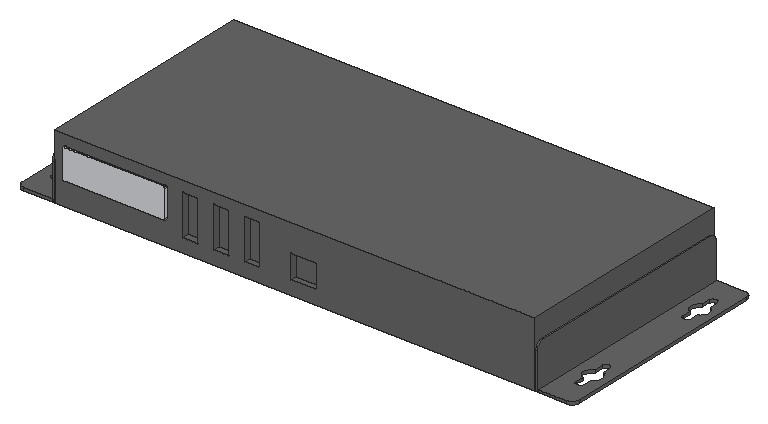
Revit family "USB Bridge", category Generic Models, host Face, Revit 2014
Parameters
  Width = 183 mm  # constant formula
  Weight Product (lb/kg) = "1.1/0.5"
  Voltage DC = "12 VDC or PoE 802.3af"
  URL = ""
  Surface mount [instance] = Surface Mount
  Show Surface Mount [instance] = yes
  Show Plenum Kit [instance] = yes
  Product Page URL = "http://www.qsc.com/systems/products/q-sys/av-to-usb-bridging-solution/io-usb-bridge/"
  Product Documentation Link = "http://www.qsc.com/resource-files/productresources/dn/av_to_usb_bridging/io_usb_bridge/q_dn_qsys_usbiobridge_specs.pdf"
  Model = "USB I/O Bridge"
  Manufacturer URL = "http://www.qsc.com"
  Manufacturer = "QSC Audio Products, LLC"  # constant formula
  Height = 25 mm  # constant formula
  Face Depth = 2.002 mm
  Description = "Q-LAN to Driverless USB Audio Video Bridge"
  Depth = 85 mm  # constant formula
  Default Elevation = 0 mm
  Current Draw = 1  # constant formula
  Enclosure Material [instance] = Black Finish
Reference planes
  plane 1 "Center (Front/Back)": y = 0
  plane 2: z = 0
  plane 3 "Center (Left/Right)": x = 0
  plane 4 "Box Left": x = -91.5
  plane 5 "Box Right": x = 91.5
  plane 6 "Top": y = 42.5
  plane 7 "Height": z = 25
  plane 8 "Face Plance": y = -42.5
  plane 9 "Top of mount": z = 33.942
  plane 10: z = 1
  plane 11 "Right Edge": x = 106.25
  plane 12 "Left Edge": x = -106.25
  plane 13 "Left": x = -92.5
  plane 14 "Right": x = 92.5
  plane 15: z = 17.2
  plane 16: y = 25.5
  plane 17: y = -25.5
  plane 18: y = 31.5
  plane 19: y = 19.5
  plane 20: x = -100
Forms (mm)
  Extrusion 1, void
    sketch origin (0, 0, 0) x (1, 0, 0) y (0, 1, 0)
      loop
        line (-140, 100) -> (-140, -103.071) -> (127.763, -103.071) -> (127.763, 100) -> (-140, 100)
    from 0 to -2.007
  Extrusion 2, solid, material "Black Finish"
    sketch origin (0, -120.5, 0) x (-1, 0, 0) y (0, 0, 1)
      loop
        line (91.5, 0.192) -> (91.5, 25.192) -> (-91.5, 25.192) -> (-91.5, 0.192) -> (91.5, 0.192)
    from 78 to 163
  Extrusion 3, solid, material "Surface Mount" <- "Surface mount", visible <- "Show Surface Mount"
    sketch origin (-243.601, 0, -0.192) x (0, 1, 0) y (0, 0, 1)
      loop
        line (42.5, 0.192) -> (42.5, 14.4)
        arc (42.5, 14.4) -> (41.68, 16.38) -> (39.7, 17.2) r 2.8
        line (39.7, 17.2) -> (-39.7, 17.2)
        arc (-39.7, 17.2) -> (-41.68, 16.38) -> (-42.5, 14.4) r 2.8
        line (-42.5, 14.4) -> (-42.5, 0.192) -> (42.5, 0.192)
    from 151.101 to 152.101
  Extrusion 4, solid, material "Surface Mount" <- "Surface mount", visible <- "Show Surface Mount"
    sketch origin (0, 0, 0) x (1, 0, 0) y (0, 1, 0)
      loop
        line (-92.5, 42.5) -> (-103.45, 42.5)
        arc (-103.45, 42.5) -> (-105.43, 41.68) -> (-106.25, 39.7) r 2.8
        line (-106.25, 39.7) -> (-106.25, -39.7)
        arc (-106.25, -39.7) -> (-105.43, -41.68) -> (-103.45, -42.5) r 2.8
        line (-103.45, -42.5) -> (-92.5, -42.5) -> (-92.5, 42.5)
    from 0 to 1
  Extrusion 5, void
    sketch origin (0, 0, 0) x (1, 0, 0) y (0, 1, 0)
      loop
        arc (-98.424, 31.541) -> (-100.024, 33.141) -> (-101.624, 31.541) r 1.6
        line (-101.624, 31.541) -> (-101.624, 28.573)
        arc (-101.624, 28.573) -> (-103.476, 25.485) -> (-101.599, 22.414) r 3.476
        line (-101.599, 22.414) -> (-101.599, 19.497)
        arc (-101.599, 19.497) -> (-99.999, 17.897) -> (-98.399, 19.497) r 1.6
        line (-98.399, 19.497) -> (-98.399, 22.415)
        arc (-98.399, 22.415) -> (-96.524, 25.515) -> (-98.424, 28.598) r 3.476
        line (-98.424, 28.598) -> (-98.424, 31.541)
    from -2 to 1
  Extrusion 6, solid, material "Surface Mount" <- "Surface mount", visible <- "Show Surface Mount"
    sketch origin (243.601, 0, -0.192) x (0, 1, 0) y (0, 0, -1)
      loop
        line (42.5, -0.192) -> (-42.5, -0.192) -> (-42.5, -14.4)
        arc (-42.5, -14.4) -> (-41.68, -16.38) -> (-39.7, -17.2) r 2.8
        line (-39.7, -17.2) -> (39.7, -17.2)
        arc (39.7, -17.2) -> (41.68, -16.38) -> (42.5, -14.4) r 2.8
        line (42.5, -14.4) -> (42.5, -0.192)
    from 151.101 to 152.101
  Extrusion 7, solid, material "Surface Mount" <- "Surface mount", visible <- "Show Surface Mount"
    sketch origin (0, 0, 0) x (-1, 0, 0) y (0, -1, 0)
      loop
        line (-92.5, -42.5) -> (-92.5, 42.5) -> (-103.45, 42.5)
        arc (-103.45, 42.5) -> (-105.43, 41.68) -> (-106.25, 39.7) r 2.8
        line (-106.25, 39.7) -> (-106.25, -39.7)
        arc (-106.25, -39.7) -> (-105.43, -41.68) -> (-103.45, -42.5) r 2.8
        line (-103.45, -42.5) -> (-92.5, -42.5)
    from 0 to 1
  Extrusion 8, void
    sketch origin (0, 0, 0) x (-1, 0, 0) y (0, -1, 0)
      loop
        line (-98.424, -31.541) -> (-98.424, -28.598)
        arc (-98.424, -28.598) -> (-96.524, -25.515) -> (-98.399, -22.415) r 3.476
        line (-98.399, -22.415) -> (-98.399, -19.497)
        arc (-98.399, -19.497) -> (-99.999, -17.897) -> (-101.599, -19.497) r 1.6
        line (-101.599, -19.497) -> (-101.599, -22.414)
        arc (-101.599, -22.414) -> (-103.476, -25.485) -> (-101.624, -28.573) r 3.476
        line (-101.624, -28.573) -> (-101.624, -31.541)
        arc (-101.624, -31.541) -> (-100.024, -33.141) -> (-98.424, -31.541) r 1.6
    from -2 to 1
  Extrusion 9, void
    sketch origin (0, 0, 0) x (-1, 0, 0) y (0, -1, 0)
      loop
        arc (-98.424, 31.541) -> (-100.024, 33.141) -> (-101.624, 31.541) r 1.6
        line (-101.624, 31.541) -> (-101.624, 28.573)
        arc (-101.624, 28.573) -> (-103.476, 25.485) -> (-101.599, 22.414) r 3.476
        line (-101.599, 22.414) -> (-101.599, 19.497)
        arc (-101.599, 19.497) -> (-99.999, 17.897) -> (-98.399, 19.497) r 1.6
        line (-98.399, 19.497) -> (-98.399, 22.415)
        arc (-98.399, 22.415) -> (-96.524, 25.515) -> (-98.424, 28.598) r 3.476
        line (-98.424, 28.598) -> (-98.424, 31.541)
    from -2 to 1
  Extrusion 10, void
    sketch origin (0, 0, 0) x (1, 0, 0) y (0, 1, 0)
      loop
        line (-98.424, -31.541) -> (-98.424, -28.598)
        arc (-98.424, -28.598) -> (-96.524, -25.515) -> (-98.399, -22.415) r 3.476
        line (-98.399, -22.415) -> (-98.399, -19.497)
        arc (-98.399, -19.497) -> (-99.999, -17.897) -> (-101.599, -19.497) r 1.6
        line (-101.599, -19.497) -> (-101.599, -22.414)
        arc (-101.599, -22.414) -> (-103.476, -25.485) -> (-101.624, -28.573) r 3.476
        line (-101.624, -28.573) -> (-101.624, -31.541)
        arc (-101.624, -31.541) -> (-100.024, -33.141) -> (-98.424, -31.541) r 1.6
    from -2 to 1
  Extrusion 11, void
    sketch origin (20.489, -120.5, -4.993) x (-1, 0, 0) y (0, 0, 1)
      loop
        line (63.258, 25.939) -> (57.489, 25.939) -> (57.489, 10.37) -> (63.258, 10.37) -> (63.258, 25.939)
    from 78 to 80.5
  Extrusion 12, void
    sketch origin (110.542, -35.5, -2.012) x (-1, 0, 0) y (0, 0, 1)
      loop
        line (68.865, 19.444) -> (53.042, 19.444) -> (53.042, 6.369) -> (68.865, 6.369) -> (68.865, 19.444)
    from 78 to 75.5
  Extrusion 13, void
    sketch origin (90.542, -35.5, -2.012) x (-1, 0, 0) y (0, 0, 1)
      loop
        line (68.865, 19.444) -> (53.042, 19.444) -> (53.042, 6.369) -> (68.865, 6.369) -> (68.865, 19.444)
    from 78 to 75.5
  Extrusion 14, void
    sketch origin (70.542, -35.5, -2.012) x (-1, 0, 0) y (0, 0, 1)
      loop
        line (68.865, 11.314) -> (53.042, 11.314) -> (53.042, 6.369) -> (68.865, 6.369) -> (68.865, 11.314)
    from 78 to 75.5
  Extrusion 15, void
    sketch origin (20.542, -35.5, -2.012) x (-1, 0, 0) y (0, 0, 1)
      loop
        line (68.865, 14.75) -> (53.042, 14.75) -> (53.042, 6.369) -> (68.865, 6.369) -> (68.865, 14.75)
    from 78 to 75.5
  Extrusion 16, void
    sketch origin (-9.458, -35.5, -2.012) x (-1, 0, 0) y (0, 0, 1)
      loop
        line (64.301, 14.75) -> (53.865, 14.75) -> (53.865, 6.369) -> (64.301, 6.369) -> (64.301, 14.75)
    from 78 to 75.5
  Extrusion 17, void
    sketch origin (32.271, -120.5, -4.993) x (-1, 0, 0) y (0, 0, 1)
      loop
        line (63.258, 25.939) -> (57.489, 25.939) -> (57.489, 10.37) -> (63.258, 10.37) -> (63.258, 25.939)
    from 78 to 80.5
  Extrusion 18, void
    sketch origin (43.987, -120.5, -4.993) x (-1, 0, 0) y (0, 0, 1)
      loop
        line (63.258, 25.939) -> (57.489, 25.939) -> (57.489, 10.37) -> (63.258, 10.37) -> (63.258, 25.939)
    from 78 to 80.5
  Extrusion 19, void
    sketch origin (61.487, -120.5, -4.993) x (-1, 0, 0) y (0, 0, 1)
      loop
        line (63.258, 19.622) -> (53.258, 19.622) -> (53.258, 10.37) -> (63.258, 10.37) -> (63.258, 19.622)
    from 78 to 80.5
Cuts and joins
  Extrusion 5, Extrusion 8, Extrusion 10 cuts Extrusion 4
  Extrusion 8, Extrusion 9 cuts Extrusion 7
  Extrusion 11, Extrusion 12, Extrusion 13, Extrusion 14, Extrusion 15, Extrusion 16, Extrusion 17, Extrusion 18, Extrusion 19 cuts Extrusion 2
Dimensions and locks
  plane 4 "Box Left" to plane 5 "Box Right" = 183 mm
  "Height": plane 7 "Height" to plane 2
  plane 5 "Box Right" to plane 4 "Box Left" = 183 mm
  equal spacing: plane 5 "Box Right", plane 3 "Center (Left/Right)", plane 4 "Box Left"
  equal spacing: plane 14 "Right", plane 3 "Center (Left/Right)", plane 13 "Left"
  plane 14 "Right" to plane 13 "Left" = 185 mm
  equal spacing: plane 11 "Right Edge", plane 3 "Center (Left/Right)", plane 12 "Left Edge"
  plane 11 "Right Edge" to plane 12 "Left Edge" = 212.5 mm
  aligned and locked: plane 2 to Extrusion 1
  aligned and locked: level to Extrusion 1
Automatic sketch dimensions
  Extrusion 1 sketch curve to Extrusion 1 sketch curve = 267.763 mm
  Extrusion 1 sketch curve to Extrusion 1 sketch curve = 203.071 mm
  Extrusion 2 sketch curve to plane 5 "Box Right" = 0 mm
  Extrusion 2 sketch curve to plane 4 "Box Left" = 0 mm
  level to Extrusion 2 sketch curve = 0.192 mm
  plane 7 "Height" to Extrusion 2 sketch curve = 0.192 mm
  Extrusion 3 sketch curve to plane 8 "Face Plance" = 0 mm
  Extrusion 3 sketch curve to plane 6 "Top" = 0 mm
  Extrusion 3 sketch curve to level = 0 mm
  Extrusion 3 sketch curve to plane 15 = 0.192 mm
  plane 8 "Face Plance" to Extrusion 3 sketch curve = 2.8 mm
  Extrusion 3 sketch curve to Extrusion 3 sketch curve = 2.8 mm
  Extrusion 4 sketch curve to plane 12 "Left Edge" = 0 mm
  Extrusion 4 sketch curve to plane 8 "Face Plance" = 0 mm
  Extrusion 4 sketch curve to plane 6 "Top" = 0 mm
  Extrusion 4 sketch curve to plane 13 "Left" = 0 mm
  Extrusion 4 sketch curve to Extrusion 4 sketch curve = 2.8 mm
  plane 12 "Left Edge" to Extrusion 4 sketch curve = 2.8 mm
  Extrusion 5 sketch curve to Extrusion 5 sketch curve = 0 mm  (x2)
  plane 16 to Extrusion 5 sketch curve = 0 mm
  Extrusion 5 sketch curve to plane 20 = 0 mm
  Extrusion 5 sketch curve to plane 20 = 0.024 mm
  Extrusion 5 sketch curve to plane 20 = 1.599 mm
  Extrusion 5 sketch curve to plane 18 = 0.041 mm
  Extrusion 5 sketch curve to Extrusion 5 sketch curve = 1.6 mm
  plane 20 to Extrusion 5 sketch curve = 0.001 mm
  Extrusion 5 sketch curve to plane 19 = 2.915 mm
  Extrusion 5 sketch curve to plane 19 = 2.914 mm
  plane 19 to Extrusion 5 sketch curve = 0.003 mm
  Extrusion 6 sketch curve to plane 8 "Face Plance" = 0 mm
  Extrusion 6 sketch curve to plane 6 "Top" = 0 mm
  Extrusion 6 sketch curve to level = 0 mm
  Extrusion 6 sketch curve to plane 15 = 0.192 mm
  plane 8 "Face Plance" to Extrusion 6 sketch curve = 2.8 mm
  Extrusion 6 sketch curve to plane 6 "Top" = 2.8 mm
  Extrusion 7 sketch curve to plane 11 "Right Edge" = 0 mm
  Extrusion 7 sketch curve to plane 8 "Face Plance" = 0 mm
  Extrusion 7 sketch curve to plane 6 "Top" = 0 mm
  Extrusion 7 sketch curve to plane 14 "Right" = 0 mm
  Extrusion 7 sketch curve to Extrusion 7 sketch curve = 2.8 mm
  Extrusion 7 sketch curve to plane 11 "Right Edge" = 2.8 mm
  Extrusion 8 sketch curve to Extrusion 8 sketch curve = 0 mm  (x2)
  plane 16 to Extrusion 8 sketch curve = 0 mm
  Extrusion 8 sketch curve to plane 11 "Right Edge" = 4.626 mm
  Extrusion 8 sketch curve to plane 19 = 0.003 mm
  Extrusion 8 sketch curve to plane 11 "Right Edge" = 4.651 mm
  plane 18 to Extrusion 8 sketch curve = 0.041 mm
  Extrusion 8 sketch curve to Extrusion 8 sketch curve = 1.6 mm  (x2)
  Extrusion 8 sketch curve to Extrusion 8 sketch curve = 1.576 mm
  plane 19 to Extrusion 8 sketch curve = 2.914 mm
  plane 19 to Extrusion 8 sketch curve = 2.915 mm
  Extrusion 9 sketch curve to Extrusion 9 sketch curve = 0 mm  (x2)
  plane 17 to Extrusion 9 sketch curve = 0 mm
  plane 11 "Right Edge" to Extrusion 9 sketch curve = 4.626 mm
  plane 11 "Right Edge" to Extrusion 9 sketch curve = 4.651 mm
  Extrusion 9 sketch curve to Extrusion 9 sketch curve = 1.6 mm  (x2)
  Extrusion 9 sketch curve to Extrusion 9 sketch curve = 1.576 mm
  Extrusion 9 sketch curve to plane 17 = 3.085 mm
  Extrusion 9 sketch curve to plane 17 = 3.086 mm
  Extrusion 9 sketch curve to Extrusion 9 sketch curve = 2.916 mm
  Extrusion 9 sketch curve to Extrusion 9 sketch curve = 2.968 mm
  Extrusion 10 sketch curve to Extrusion 10 sketch curve = 0 mm  (x2)
  plane 17 to Extrusion 10 sketch curve = 0 mm
  Extrusion 10 sketch curve to plane 20 = 0 mm
  plane 20 to Extrusion 10 sketch curve = 0.024 mm
  plane 20 to Extrusion 10 sketch curve = 1.599 mm
  Extrusion 10 sketch curve to Extrusion 10 sketch curve = 1.6 mm
  Extrusion 10 sketch curve to plane 20 = 0.001 mm
  plane 17 to Extrusion 10 sketch curve = 3.085 mm
  plane 17 to Extrusion 10 sketch curve = 3.086 mm
  Extrusion 10 sketch curve to Extrusion 10 sketch curve = 2.916 mm
  Extrusion 10 sketch curve to Extrusion 10 sketch curve = 2.968 mm
  plane 15 to Extrusion 11 sketch curve = 3.746 mm
  Extrusion 11 sketch curve to plane 3 "Center (Left/Right)" = 37 mm
  Extrusion 11 sketch curve to Extrusion 11 sketch curve = 5.769 mm
  Extrusion 11 sketch curve to plane 10 = 4.377 mm
  plane 15 to Extrusion 12 sketch curve = 0.232 mm
  Extrusion 12 sketch curve to plane 5 "Box Right" = 34 mm
  Extrusion 12 sketch curve to plane 10 = 3.357 mm
  Extrusion 12 sketch curve to Extrusion 12 sketch curve = 15.823 mm
  plane 15 to Extrusion 13 sketch curve = 0.232 mm
  plane 3 "Center (Left/Right)" to Extrusion 13 sketch curve = 37.5 mm
  Extrusion 13 sketch curve to plane 10 = 3.357 mm
  Extrusion 13 sketch curve to Extrusion 13 sketch curve = 15.823 mm
  Extrusion 14 sketch curve to plane 15 = 7.898 mm
  plane 3 "Center (Left/Right)" to Extrusion 14 sketch curve = 17.5 mm
  plane 3 "Center (Left/Right)" to Extrusion 14 sketch curve = 1.677 mm
  Extrusion 14 sketch curve to plane 10 = 3.357 mm
  Extrusion 15 sketch curve to plane 15 = 4.462 mm
  Extrusion 15 sketch curve to plane 3 "Center (Left/Right)" = 32.5 mm
  Extrusion 15 sketch curve to plane 10 = 3.357 mm
  Extrusion 15 sketch curve to Extrusion 15 sketch curve = 15.823 mm
  Extrusion 16 sketch curve to plane 15 = 4.462 mm
  plane 4 "Box Left" to Extrusion 16 sketch curve = 28.177 mm
  Extrusion 16 sketch curve to plane 10 = 3.357 mm
  Extrusion 16 sketch curve to Extrusion 16 sketch curve = 10.436 mm
  plane 15 to Extrusion 17 sketch curve = 3.746 mm
  Extrusion 17 sketch curve to plane 3 "Center (Left/Right)" = 25.218 mm
  Extrusion 17 sketch curve to Extrusion 17 sketch curve = 5.769 mm
  Extrusion 17 sketch curve to plane 10 = 4.377 mm
  plane 15 to Extrusion 18 sketch curve = 3.746 mm
  Extrusion 18 sketch curve to plane 3 "Center (Left/Right)" = 13.502 mm
  Extrusion 18 sketch curve to Extrusion 18 sketch curve = 5.769 mm
  Extrusion 18 sketch curve to plane 10 = 4.377 mm
  plane 3 "Center (Left/Right)" to Extrusion 19 sketch curve = 8.228 mm
  Extrusion 19 sketch curve to plane 3 "Center (Left/Right)" = 1.772 mm
  Extrusion 19 sketch curve to plane 10 = 4.377 mm
  Extrusion 19 sketch curve to plane 15 = 2.571 mm
Nested families
  nested 1: "QSC Logo" at (-68.772, -42.5, 15) x (1, 0, 0) z (0, -1, 0), type "QSC Logo"
Connectors
  electrical at (-39.885, -40, 13.162)
    settings: on Extrusion 11, index 1, voltage 0 V, apparent load 0 VA, apparent load phase1 0 VA, apparent load phase2 0 VA, apparent load phase3 0 VA, power factor 1, load classification "Other", number of poles 1, system type 14, power factor state 1, is connector primary yes, connector utility no, sub classification motor no, connector description "USB"
  electrical at (0.195, -40, 9.263)
    settings: on cut or joined group 1 (Extrusion 2, Extrusion 11, Extrusion 12, Extrusion 13, Extrusion 14, Extrusion 15, Extrusion 16, Extrusion 17, Extrusion 18, Extrusion 19), index 4, voltage 0 V, apparent load 0 VA, apparent load phase1 0 VA, apparent load phase2 0 VA, apparent load phase3 0 VA, power factor 1, load classification "Other", number of poles 1, system type 14, power factor state 1, is connector primary no, connector utility no, sub classification motor no, connector description "USB B"
  electrical at (49.589, 40, 10.894)
    settings: on cut or joined group 1, index 5, voltage 0 V, apparent load 0 VA, apparent load phase1 0 VA, apparent load phase2 0 VA, apparent load phase3 0 VA, power factor 1, load classification "Other", number of poles 1, system type 14, power factor state 1, is connector primary no, connector utility no, sub classification motor no, connector description "LAN A/ POE"
  electrical at (29.589, 40, 10.894)
    settings: on cut or joined group 1, index 6, voltage 0 V, apparent load 0 VA, apparent load phase1 0 VA, apparent load phase2 0 VA, apparent load phase3 0 VA, power factor 1, load classification "Other", number of poles 1, system type 14, power factor state 1, is connector primary no, connector utility no, sub classification motor no, connector description "LAN B"
  electrical at (9.589, 40, 6.83)
    settings: on cut or joined group 1, index 7, voltage 0 V, apparent load 0 VA, apparent load phase1 0 VA, apparent load phase2 0 VA, apparent load phase3 0 VA, power factor 1, load classification "Other", number of poles 1, system type 14, power factor state 1, is connector primary no, connector utility no, sub classification motor no, connector description "HDMI"
  electrical at (-68.541, 40, 8.547)
    settings: on cut or joined group 1, index 9, voltage 0 V, apparent load 0 VA, apparent load phase1 0 VA, apparent load phase2 0 VA, apparent load phase3 0 VA, power factor 1, load classification "Other", number of poles 1, system type 31, power factor state 1, is connector primary no, connector utility no, sub classification motor no, connector description "EXTERNAL POWER INPUT 12V DC 1A"
  electrical at (-40.411, 40, 8.547)
    settings: on cut or joined group 1, index 10, voltage 0 V, apparent load 0 VA, apparent load phase1 0 VA, apparent load phase2 0 VA, apparent load phase3 0 VA, power factor 1, load classification "Other", number of poles 1, system type 14, power factor state 1, is connector primary no, connector utility no, sub classification motor no, connector description "TX|RX"
  electrical at (-28.103, -40, 13.162)
    settings: on cut or joined group 1, index 11, voltage 0 V, apparent load 0 VA, apparent load phase1 0 VA, apparent load phase2 0 VA, apparent load phase3 0 VA, power factor 1, load classification "Other", number of poles 1, system type 14, power factor state 1, is connector primary no, connector utility no, sub classification motor no, connector description "USB"
  electrical at (-16.387, -40, 13.162)
    settings: on cut or joined group 1, index 12, voltage 0 V, apparent load 0 VA, apparent load phase1 0 VA, apparent load phase2 0 VA, apparent load phase3 0 VA, power factor 1, load classification "Other", number of poles 1, system type 14, power factor state 1, is connector primary no, connector utility no, sub classification motor no, connector description "USB"
  electrical at (3.228, -40, 10.003)
    settings: on cut or joined group 1, index 13, voltage 0 V, apparent load 0 VA, apparent load phase1 0 VA, apparent load phase2 0 VA, apparent load phase3 0 VA, power factor 1, load classification "Other", number of poles 1, system type 14, power factor state 1, is connector primary no, connector utility no, sub classification motor no, connector description "USB B"
Definition of nested family "QSC Logo"
  Parameters (values of type "QSC Logo")
    Material [instance] = none
    Default Elevation = 1219.2 mm
  Reference planes
    plane 1 "Center (Front/Back)": y = 0
    plane 2: z = 0
    plane 3 "Center (Left/Right)": x = 0
  Forms (mm)
    Extrusion 1, solid
      sketch origin (0, 0, 0) x (1, 0, 0) y (0, 1, 0)
        loop
          line (-1219.2, 1219.2) -> (-1219.2, -1219.2) -> (1219.2, -1219.2) -> (1219.2, 1219.2) -> (-1219.2, 1219.2)
      from 0 to -304.8
    Extrusion 2, solid, material <- "Material"
      sketch origin (-26.843, 27.487, 0) x (1, 0, 0) y (0, 1, 0)
        loop
          arc (8.318, -21.622) -> (7.931, -21.782) -> (7.771, -22.169) r 0.547
          line (7.771, -22.169) -> (7.771, -32.59)
          arc (7.771, -32.59) -> (7.945, -33.011) -> (8.366, -33.185) r 0.595
          line (8.366, -33.185) -> (46.081, -33.185)
          arc (46.081, -33.185) -> (46.502, -33.011) -> (46.676, -32.59) r 0.595
          line (46.676, -32.59) -> (46.676, -22.218)
          arc (46.676, -22.218) -> (46.502, -21.797) -> (46.081, -21.622) r 0.595
          line (46.081, -21.622) -> (8.318, -21.622)
      from 0 to 0.794
  Lines and regions (mm)
    reference lines, not visible
      curve 1: line (189.517, -42.77, 0) -> (204.093, -42.77, 0)
      curve 2: line (189.517, -42.77, 0) -> (204.093, -42.77, 0)
      curve 3: line (193.096, -43.165, 0) -> (192.51, -41.876, 0)
      curve 4: line (193.096, -44.165, 0) -> (192.382, -41.375, 0)
      curve 5: line (192.51, -41.876, 0) -> (193.096, -43.165, 0)
      curve 6: line (192.382, -41.375, 0) -> (193.096, -44.165, 0)
      curve 7: line (196.553, -42.77, 0) -> (197.267, -42.4, 0)
      curve 8: line (196.553, -42.77, 0) -> (197.267, -42.4, 0)
      curve 9: line (199.332, -42.65, 0) -> (200.349, -42.65, 0)
      curve 10: line (199.332, -42.65, 0) -> (200.349, -42.65, 0)
    model lines, style "GenericModel"
      curve 11: line (3.238, -1.464, 0.794) -> (0.279, 2.436, 0.794)
      curve 12: line (0.279, 2.436, 0.794) -> (3.238, -1.464, 0.794)
      curve 13: line (-10.452, -0.977, 0.794) -> (-9.334, 3.046, 0.794)
      curve 14: line (-9.334, 3.046, 0.794) -> (-10.452, -0.977, 0.794)
      curve 15: line (-8.585, -3.64, 0.794) -> (-9.419, 3.804, 0.794)
      curve 16: line (-9.419, 3.804, 0.794) -> (-8.585, -3.64, 0.794)
      curve 17: line (7.202, 1.568, 0.794) -> (9.841, -0.371, 0.794)
      curve 18: line (9.841, -0.371, 0.794) -> (7.202, 1.568, 0.794)
  Text (mm)
    text "42T" at (-17.799, 33.327, 0), in view "Ref. Level"
    text "81Tw" at (-17.799, 17.071, 0), in view "Ref. Level"
    text "52T" at (-17.799, -4.651, 0), in view "Ref. Level"
    text "52ST" at (-17.799, -29.568, 0), in view "Ref. Level"
  Dimensions and locks
    aligned and locked: plane 2 to Extrusion 1
    aligned and locked: level to Extrusion 1
